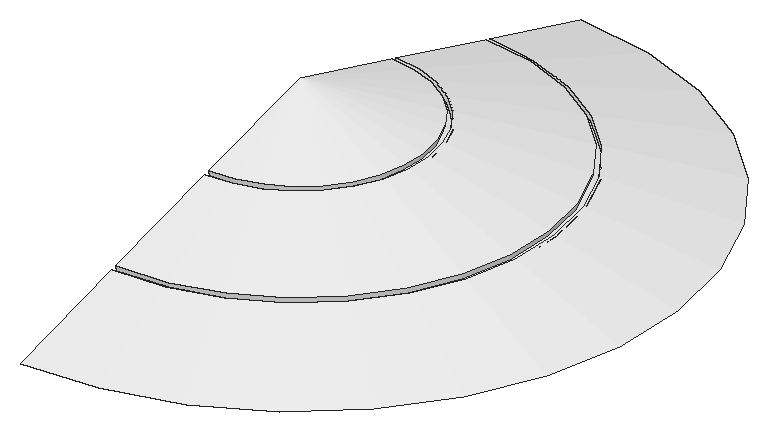
Revit family
Parameters
  바닥 간격띄우기 = 4265 mm
  aw14cap재료 = AW14 캡 재료
Reference planes
  plane 1 "중심(앞/뒤)": y = 0
  plane 2: z = 0
  plane 3 "중심(왼쪽/오른쪽)": x = 0
  plane 4: x = 2000
  plane 5: z = 4265
  plane 6: z = 4861.8
  plane 7: x = 2042.7
Forms (mm)
  Revolve 1, solid, material "AW14 캡 재료" <- "aw14cap재료"
    sketch origin (0, 0, 0) x (1, 0, 0) y (0, 0, 1)
      loop
        line (0, 4861.8) -> (0, 4851.382) -> (653.748, 4660.381) -> (645.335, 4631.585) -> (693.329, 4617.563) -> (701.742, 4646.359) -> (1335.35, 4461.243) -> (1326.936, 4432.447) -> (1374.93, 4418.425) -> (1383.343, 4447.221) -> (2007.042, 4265) -> (2042.7, 4265) -> (1376.549, 4459.624) -> (1368.136, 4430.828) -> (1339.34, 4439.241) -> (1347.753, 4468.037) -> (694.947, 4658.763) -> (686.534, 4629.966) -> (657.738, 4638.38) -> (666.151, 4667.176) -> (0, 4861.8)
      axis (0, 4861.8) -> (0, 4265)
    angle from -90 to 90
Dimensions and locks
  plane 6 to plane 5 = 596.8 mm
  "바닥 간격띄우기": plane 5 to level
Automatic sketch dimensions
  Revolve 1 sketch curve to plane 3 "중심(왼쪽/오른쪽)" = 0 mm  (x2)
  Revolve 1 sketch curve to plane 5 = 0 mm
  plane 4 to Revolve 1 sketch curve = 7.042 mm
  Revolve 1 sketch curve to level = 560.401 mm
  Revolve 1 sketch curve to plane 6 = 10.418 mm
  Revolve 1 sketch curve to Revolve 1 sketch curve = 1400 mm
  Revolve 1 sketch curve to plane 6 = 230.215 mm
  Revolve 1 sketch curve to plane 6 = 223.42 mm
  Revolve 1 sketch curve to plane 6 = 231.834 mm
  Revolve 1 sketch curve to plane 6 = 244.237 mm
  plane 5 to Revolve 1 sketch curve = 167.447 mm
  plane 5 to Revolve 1 sketch curve = 174.241 mm
  plane 5 to Revolve 1 sketch curve = 165.828 mm
  plane 5 to Revolve 1 sketch curve = 153.425 mm
  Revolve 1 sketch curve to plane 7 = 0 mm
  Revolve 1 sketch curve to plane 6 = 0 mm
  plane 3 "중심(왼쪽/오른쪽)" to Revolve 1 sketch curve = 645.335 mm
  Revolve 1 sketch curve to plane 6 = 201.419 mm
  Revolve 1 sketch curve to Revolve 1 sketch curve = 12.403 mm  (x2)
  Revolve 1 sketch curve to plane 6 = 194.624 mm
  Revolve 1 sketch curve to plane 6 = 203.037 mm
  Revolve 1 sketch curve to plane 6 = 215.441 mm
  Revolve 1 sketch curve to Revolve 1 sketch curve = 633.608 mm
